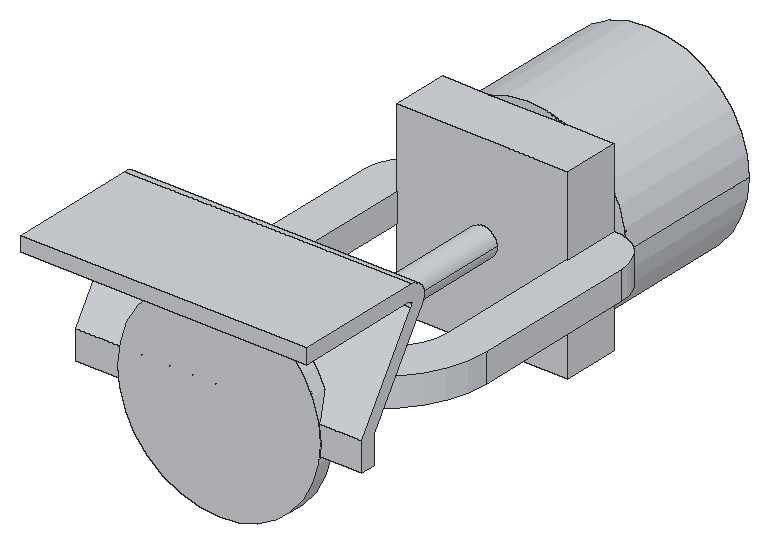
Revit family
Parameters (values of type "RASCO F156 HSW")
  Temperature Rating = 155 °F
  Response = (empty or 0)
  RASCO SIN # = "RA1335"
  RASCO Part # = "F56H1B"
  Pressure Rating = "175 PSI"
  Pressure Class = (empty or 0)
  Orifice Size = 1/2"
  Orifice = (empty or 0)
  Model = "F156"
  Manufacturer = "RASCO"
  K-Factor = 5.6
  Description = "Bronze Finish"
  Coverage = (empty or 0)
Reference planes (in)
  plane 1 "Center (Front/Back)": y = 0
  plane 2: z = 0
  plane 3 "Center (Left/Right)": x = 0
Dimensions and locks (in)
  aligned and locked: plane 2 to level
Nested families (in)
  nested 1: "F56H1B" at (-5.36862, 0.39817, 0), type "RASCO F156 HSW"
Connectors (in)
  piping at (-5.38097, 1.74743, 1.25584)
    settings: on nested 1, index 1, connector radius 55/128", flow factor 0, pipe flow 0 GPM, pressure drop 0.00 psi, fitting loss kfactor 0, connector angle 0.00°, fixture units 0, flow configuration 0, flow direction 0, fitting loss method 0, system type 7, connector reference index -1, connector utility 0, adjustable connector no, is connector primary yes, fitting loss table "", connector description ""
Definition of nested family "F56H1B"
  Parameters (values of type "RASCO F156 HSW")
    Type Comments = ""
    Temperature Rating = 0 °F
    Response = (empty or 0)
    Pressure Rating = "0"
    Pressure Class = (empty or 0)
    Orifice Size = 0"
    Orifice = (empty or 0)
    Model = ""
    Manufacturer = ""
    K-Factor = 0
    Description = ""
    Coverage = (empty or 0)
    Assembly Code = ""
  Reference planes (in)
    plane 1 "Center (Front/Back)": y = 0
    plane 2: z = 0
    plane 3 "ref.2": z = 0.6875
    plane 4 "ref.3": z = 0.9375
    plane 5: x = -0.38065
    plane 6: x = 0.36935
    plane 7 "ref. side 1": y = 0.06402
    plane 8 "ref. side 2": y = -0.06098
    plane 9 "ref.4": z = 1.875
    plane 10 "ref.5": z = 2.3125
    plane 11 "ref.6": z = 2.4375
    plane 12 "center": x = -0.00574
  Forms (in)
    Extrusion 1, solid
      sketch origin (-0.01236, 1.37309, 1.25584) x (-1, 0, 0) y (0, 0, -1)
        loop
          circle (0, 0) r 0.4379
      from 0.02383 to 0.6875
    Extrusion 2, solid
      sketch origin (0.10949, 0.68559, 1.20407) x (-1, 0, 0) y (0, 0, -1)
        loop
          line (-0.2588, 0.356) -> (-0.2588, -0.4565) -> (0.4912, -0.4565) -> (0.4912, 0.356) -> (-0.2588, 0.356)
      from 0 to 0.25
    Extrusion 3, solid
      sketch origin (-0.01236, 1.3722, 1.25584) x (-1, 0, 0) y (0, -1, 0)
        loop
          line (-0.38065, 0.68754) -> (-0.38065, 1.58397)
          arc (-0.38065, 1.58397) -> (-0.29541, 1.78976) -> (-0.08962, 1.875) r 0.29103
          line (-0.08962, 1.875) -> (0.07524, 1.875)
          arc (0.07524, 1.875) -> (0.28321, 1.78886) -> (0.36935, 1.58089) r 0.29411
          line (0.36935, 1.58089) -> (0.36935, 0.68751)
          arc (0.36935, 0.68751) -> (0.50207, 0.74393) -> (0.55685, 0.87734) r 0.18984
          line (0.55685, 0.87734) -> (0.55685, 1.61676)
          arc (0.55685, 1.61676) -> (0.42629, 1.93194) -> (0.11111, 2.0625) r 0.44574
          line (0.11111, 2.0625) -> (-0.12259, 2.0625)
          arc (-0.12259, 2.0625) -> (-0.43765, 1.932) -> (-0.56815, 1.61694) r 0.44556
          line (-0.56815, 1.61694) -> (-0.56815, 0.87876)
          arc (-0.56815, 0.87876) -> (-0.51345, 0.74486) -> (-0.38065, 0.68754) r 0.19126
      from -0.06402 to 0.06098
    Extrusion 4, solid
      sketch origin (-0.01236, 0.43559, 1.25584) x (1, 0, 0) y (0, 0, 1)
        loop
          circle (0.00574, -0.00152) r 0.0625
      from 0 to 0.9375
    Extrusion 5, solid
      sketch origin (-0.01236, -0.50191, 1.25584) x (1, 0, 0) y (0, 0, 1)
        loop
          circle (0.00574, -0.00152) r 0.1875
      from 0 to 0.4375
    Extrusion 6, solid
      sketch origin (-0.01236, -0.89954, 1.2504) x (-1, 0, 0) y (0, 0, 1)
        loop
          circle (-0.00574, -0.00152) r 0.44275
      from -0.10531 to -0.03987
    Extrusion 7, solid
      sketch origin (-0.00662, 1.2679, 1.26334) x (0, -1, 0) y (0, 0, 1)
        loop
          line (2.27263, -0.06402) -> (2.27263, 0.06098) -> (2.00466, 0.4658)
          arc (2.00466, 0.4658) -> (2.00382, 0.48409) -> (2.01953, 0.49348) r 0.01783
          line (2.01953, 0.49348) -> (2.57559, 0.49348) -> (2.57559, 0.55848) -> (2.00257, 0.55848)
          arc (2.00257, 0.55848) -> (1.94355, 0.52319) -> (1.9467, 0.4545) r 0.067
          line (1.9467, 0.4545) -> (2.20719, 0.06098) -> (2.20719, -0.06402) -> (2.27263, -0.06402)
      from -0.62515 to 0.62904
  Cuts and joins
    joined: Extrusion 1, Extrusion 2, Extrusion 4
